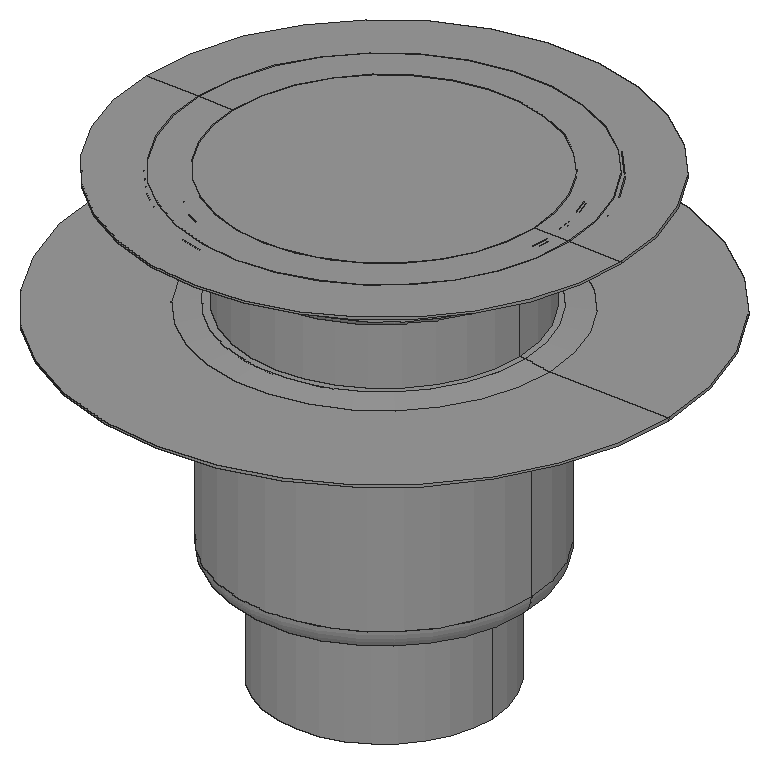
Revit family "ACO AUS Gully 218 Telescopic - Vinyl - Vertical Outlet with Mechanical Flange - 300x3003", category Plumbing Fixtures, host Floor, Revit 2014 (continued)
Definition of nested family "Gully Detail Vertical"
  Automatic sketch dimensions
    curve 76 to curve 62 = 0.000 mm
    plane 1 "Center (Front/Back)" to curve 93 = 0.076 mm
    curve 93 to curve 93 = 0.178 mm
    plane 1 "Center (Front/Back)" to curve 80 = 0.076 mm
    curve 80 to curve 80 = 0.178 mm
    curve 78 to plane 1 "Center (Front/Back)" = 0.023 mm
    curve 58 to curve 58 = 3.017 mm
    curve 62 to curve 62 = 3.017 mm
    curve 17 to curve 74 = 2.165 mm
Definition of nested family "Vinyl Gully Top"
  Parameters (values of type "Vinyl Gully Top 218")
    Watermarked By = ""
    Type Comments = "﻿﻿           ﻿     ﻿                                              ﻿   ​ ​         ​                                   ﻿﻿"
    Keynote = "﻿﻿           ﻿     ﻿                                              ﻿   ​ ​         ​                                   ﻿﻿"
    Description = "﻿﻿           ﻿     ﻿                                              ﻿   ​ ​         ​                                   ﻿﻿"
    Assembly Code = "﻿﻿           ﻿     ﻿                                              ﻿   ​ ​         ​                                   ﻿﻿"
  Reference planes
    plane 1 "Center (Front/Back)": y = 0
    plane 2: z = 0
    plane 3 "Center (Left/Right)": x = 0
  Lines and regions (mm)
    detail lines, in view "Ref. Level"
      curve 1: line (-175, -1.5, 0) -> (175, -1.5, 0)
      curve 2: line (-136.02, -5.5, 0) -> (136.02, -5.5, 0)
      curve 3: arc (-138.973, -1.5, 0) -> (-138.506, -4.245, 0) -> (-136.02, -5.5, 0) r 3.09
      curve 4: line (-120.29, -6.978, 0) -> (-120.29, -20.541, 0)
      curve 5: arc (-121.768, -5.5, 0) -> (-120.723, -5.933, 0) -> (-120.29, -6.978, 0) r 1.478
      curve 6: line (-99.973, -42.996, 0) -> (-99.973, -96, 0)
      curve 7: line (-175, 0, 0) -> (175, 0, 0)
      curve 8: line (-99.973, -96, 0) -> (99.973, -96, 0)
      curve 9: line (-108.551, -31.5, 0) -> (108.551, -31.5, 0)
      curve 46: arc (138.973, -1.5, 0) -> (138.506, -4.245, 0) -> (136.02, -5.5, 0) r 3.09
      curve 47: arc (121.768, -5.5, 0) -> (120.723, -5.933, 0) -> (120.29, -6.978, 0) r 1.478
      curve 195: line (-109.331, -31.5, 0) -> (-108.551, -31.5, 0)
      curve 196: line (-108.551, -31.5, 0) -> (-108.551, -40.206, 0)
      curve 197: line (-105.761, -42.996, 0) -> (-99.973, -42.996, 0)
      curve 198: arc (-120.29, -20.541, 0) -> (-117.08, -28.29, 0) -> (-109.331, -31.5, 0) r 10.959
      curve 199: arc (-108.551, -40.206, 0) -> (-107.734, -42.179, 0) -> (-105.761, -42.996, 0) r 2.79
      curve 200: line (120.29, -6.978, 0) -> (120.29, -20.541, 0)
      curve 201: line (99.973, -42.996, 0) -> (99.973, -96, 0)
      curve 202: line (109.331, -31.5, 0) -> (108.551, -31.5, 0)
      curve 203: line (108.551, -31.5, 0) -> (108.551, -40.206, 0)
      curve 204: line (105.761, -42.996, 0) -> (99.973, -42.996, 0)
      curve 205: arc (120.29, -20.541, 0) -> (117.08, -28.29, 0) -> (109.331, -31.5, 0) r 10.959
      curve 206: arc (108.551, -40.206, 0) -> (107.734, -42.179, 0) -> (105.761, -42.996, 0) r 2.79
      curve 207: line (-99.973, -42.996, 0) -> (99.973, -42.996, 0)
      curve 208: line (-108.235, -41.496, 0) -> (108.235, -41.496, 0)
      curve 209: line (-120.29, -20.541, 0) -> (120.353, -20.541, 0)
      curve 210: line (-175, -1.5, 0) -> (-175, 0, 0)
      curve 211: line (175, 0, 0) -> (175, -1.5, 0)
    detail lines, style "Viditelná (ISO)", in view "Ref. Level", detail levels medium+fine
      curve 10: arc (-133.644, -5.5, 0) -> (-134.929, -7.225, 0) -> (-133.336, -8.67, 0) r 1.6
      curve 11: arc (-123.336, -8.67, 0) -> (-121.744, -7.225, 0) -> (-123.028, -5.5, 0) r 1.6
      curve 12: line (-133.336, -8.67, 0) -> (-123.336, -8.67, 0)
      curve 13: line (-133.836, -24.67, 0) -> (-133.836, -25.67, 0)
      curve 14: line (-133.836, -25.67, 0) -> (-122.836, -25.67, 0)
      curve 15: line (-122.836, -25.67, 0) -> (-122.836, -24.67, 0)
      curve 16: line (-122.836, -24.67, 0) -> (-133.836, -24.67, 0)
      curve 17: line (-132.836, -24.67, 0) -> (-132.836, -8.67, 0)
      curve 18: line (-123.836, -24.67, 0) -> (-123.836, -8.67, 0)
      curve 19: arc (-5, -5.495, 0) -> (-6.6, -7.095, 0) -> (-5, -8.695, 0) r 1.6
      curve 20: arc (5, -8.695, 0) -> (6.6, -7.095, 0) -> (5, -5.495, 0) r 1.6
      curve 21: line (-5, -8.695, 0) -> (5, -8.695, 0)
      curve 22: line (-5.5, -24.695, 0) -> (-5.5, -25.695, 0)
      curve 23: line (-5.5, -25.695, 0) -> (5.5, -25.695, 0)
      curve 24: line (5.5, -25.695, 0) -> (5.5, -24.695, 0)
      curve 25: line (5.5, -24.695, 0) -> (-5.5, -24.695, 0)
      curve 26: line (-4.5, -24.695, 0) -> (-4.5, -8.695, 0)
      curve 27: line (4.5, -24.695, 0) -> (4.5, -8.695, 0)
      curve 28: arc (83.887, -5.495, 0) -> (85.487, -7.095, 0) -> (83.887, -8.695, 0) r 1.6
      curve 29: arc (73.887, -8.695, 0) -> (72.287, -7.095, 0) -> (73.887, -5.495, 0) r 1.6
      curve 30: line (83.887, -8.695, 0) -> (73.887, -8.695, 0)
      curve 31: line (84.387, -24.695, 0) -> (84.387, -25.695, 0)
      curve 32: line (84.387, -25.695, 0) -> (73.387, -25.695, 0)
      curve 33: line (73.387, -25.695, 0) -> (73.387, -24.695, 0)
      curve 34: line (73.387, -24.695, 0) -> (84.387, -24.695, 0)
      curve 35: line (83.387, -24.695, 0) -> (83.387, -8.695, 0)
      curve 36: line (74.387, -24.695, 0) -> (74.387, -8.695, 0)
      curve 37: arc (-83.887, -5.495, 0) -> (-85.487, -7.095, 0) -> (-83.887, -8.695, 0) r 1.6
      curve 38: arc (-73.887, -8.695, 0) -> (-72.287, -7.095, 0) -> (-73.887, -5.495, 0) r 1.6
      curve 39: line (-83.887, -8.695, 0) -> (-73.887, -8.695, 0)
      curve 40: line (-84.387, -24.695, 0) -> (-84.387, -25.695, 0)
      curve 41: line (-84.387, -25.695, 0) -> (-73.387, -25.695, 0)
      curve 42: line (-73.387, -25.695, 0) -> (-73.387, -24.695, 0)
      curve 43: line (-73.387, -24.695, 0) -> (-84.387, -24.695, 0)
      curve 44: line (-83.387, -24.695, 0) -> (-83.387, -8.695, 0)
      curve 45: line (-74.387, -24.695, 0) -> (-74.387, -8.695, 0)
      curve 48: arc (133.644, -5.5, 0) -> (134.929, -7.225, 0) -> (133.336, -8.67, 0) r 1.6
      curve 49: arc (123.336, -8.67, 0) -> (121.744, -7.225, 0) -> (123.028, -5.5, 0) r 1.6
      curve 50: line (133.336, -8.67, 0) -> (123.336, -8.67, 0)
      curve 51: line (133.836, -24.67, 0) -> (133.836, -25.67, 0)
      curve 52: line (133.836, -25.67, 0) -> (122.836, -25.67, 0)
      curve 53: line (122.836, -25.67, 0) -> (122.836, -24.67, 0)
      curve 54: line (122.836, -24.67, 0) -> (133.836, -24.67, 0)
      curve 55: line (132.836, -24.67, 0) -> (132.836, -8.67, 0)
      curve 56: line (123.836, -24.67, 0) -> (123.836, -8.67, 0)
    detail lines, style "Viditelná (ISO)", in view "Ref. Level", detail levels fine
      curve 57: spline (-53.877, -20.514, 0) -> (-55.067, -20.719, 0) -> (-56.175, -21.318, 0) -> (-57.127, -22.272, 0) -> (-57.858, -23.514, 0) -> (-58.317, -24.961, 0) -> (-58.474, -26.514, 0) -> (-58.317, -28.067, 0) -> (-57.858, -29.514, 0) -> (-57.127, -30.757, 0) -> (-56.175, -31.711, 0) -> (-55.067, -32.31, 0) -> (-53.877, -32.514, 0)
      curve 58: spline (-57.337, -23.808, 0) -> (-57.628, -24.752, 0) -> (-57.793, -25.747, 0) -> (-57.827, -26.765, 0) -> (-57.728, -27.775, 0) -> (-57.5, -28.748, 0) -> (-57.15, -29.658, 0) -> (-56.686, -30.477, 0) -> (-56.123, -31.181, 0) -> (-55.477, -31.752, 0) -> (-54.766, -32.171, 0) -> (-54.012, -32.428, 0) -> (-53.234, -32.514, 0)
      curve 59: spline (-73.028, -32.514, 0) -> (-71.839, -32.31, 0) -> (-70.73, -31.711, 0) -> (-69.778, -30.757, 0) -> (-69.048, -29.514, 0) -> (-68.589, -28.067, 0) -> (-68.432, -26.514, 0) -> (-68.589, -24.961, 0) -> (-69.048, -23.514, 0) -> (-69.778, -22.272, 0) -> (-70.73, -21.318, 0) -> (-71.839, -20.719, 0) -> (-73.028, -20.514, 0)
      curve 60: spline (-53.877, -52.496, 0) -> (-53.87, -52.856, 0) -> (-53.847, -53.214, 0) -> (-53.809, -53.569, 0) -> (-53.757, -53.92, 0) -> (-53.69, -54.264, 0) -> (-53.608, -54.601, 0) -> (-53.513, -54.929, 0) -> (-53.404, -55.246, 0) -> (-53.281, -55.552, 0) -> (-53.147, -55.844, 0) -> (-53, -56.123, 0) -> (-52.842, -56.385, 0)
      curve 61: spline (-51.251, -66.638, 0) -> (-50.946, -66.097, 0) -> (-50.689, -65.499, 0) -> (-50.485, -64.854, 0) -> (-50.336, -64.173, 0) -> (-50.246, -63.467, 0) -> (-50.216, -62.749, 0) -> (-50.246, -62.031, 0) -> (-50.336, -61.326, 0) -> (-50.485, -60.644, 0) -> (-50.689, -59.999, 0) -> (-50.946, -59.401, 0) -> (-51.251, -58.86, 0)
      curve 62: spline (-52.842, -69.113, 0) -> (-53.147, -69.654, 0) -> (-53.404, -70.252, 0) -> (-53.608, -70.897, 0) -> (-53.757, -71.579, 0) -> (-53.847, -72.284, 0) -> (-53.877, -73.002, 0) -> (-53.847, -73.72, 0) -> (-53.757, -74.426, 0) -> (-53.608, -75.107, 0) -> (-53.404, -75.752, 0) -> (-53.147, -76.35, 0) -> (-52.842, -76.891, 0)
      curve 63: spline (-51.251, -87.144, 0) -> (-50.946, -86.603, 0) -> (-50.689, -86.005, 0) -> (-50.485, -85.36, 0) -> (-50.336, -84.679, 0) -> (-50.246, -83.973, 0) -> (-50.216, -83.255, 0) -> (-50.246, -82.537, 0) -> (-50.336, -81.832, 0) -> (-50.485, -81.151, 0) -> (-50.689, -80.505, 0) -> (-50.946, -79.907, 0) -> (-51.251, -79.366, 0)
      curve 64: spline (-52.842, -89.619, 0) -> (-53.147, -90.16, 0) -> (-53.404, -90.758, 0) -> (-53.608, -91.404, 0) -> (-53.757, -92.085, 0) -> (-53.847, -92.79, 0) -> (-53.877, -93.508, 0) -> (-53.847, -94.226, 0) -> (-53.757, -94.932, 0) -> (-53.608, -95.613, 0) -> (-53.404, -96.258, 0) -> (-53.147, -96.857, 0) -> (-52.842, -97.397, 0)
      curve 65: spline (-51.251, -107.65, 0) -> (-50.946, -107.11, 0) -> (-50.689, -106.511, 0) -> (-50.485, -105.866, 0) -> (-50.336, -105.185, 0) -> (-50.246, -104.479, 0) -> (-50.216, -103.761, 0) -> (-50.246, -103.043, 0) -> (-50.336, -102.338, 0) -> (-50.485, -101.657, 0) -> (-50.689, -101.011, 0) -> (-50.946, -100.413, 0) -> (-51.251, -99.872, 0)
      curve 66: spline (-52.842, -110.125, 0) -> (-53, -110.388, 0) -> (-53.147, -110.666, 0) -> (-53.281, -110.959, 0) -> (-53.404, -111.264, 0) -> (-53.513, -111.582, 0) -> (-53.608, -111.91, 0) -> (-53.69, -112.246, 0) -> (-53.757, -112.591, 0) -> (-53.809, -112.941, 0) -> (-53.847, -113.297, 0) -> (-53.87, -113.655, 0) -> (-53.877, -114.014, 0)
      curve 67: spline (-52.387, -110.832, 0) -> (-52.517, -111.047, 0) -> (-52.637, -111.275, 0) -> (-52.747, -111.514, 0) -> (-52.847, -111.764, 0) -> (-52.936, -112.024, 0) -> (-53.014, -112.292, 0) -> (-53.081, -112.568, 0) -> (-53.136, -112.85, 0) -> (-53.179, -113.137, 0) -> (-53.21, -113.427, 0) -> (-53.228, -113.72, 0) -> (-53.234, -114.014, 0)
      curve 68: spline (-50.796, -108.358, 0) -> (-50.436, -107.718, 0) -> (-50.132, -107.011, 0) -> (-49.891, -106.249, 0) -> (-49.715, -105.444, 0) -> (-49.608, -104.61, 0) -> (-49.573, -103.761, 0) -> (-49.608, -102.913, 0) -> (-49.715, -102.079, 0) -> (-49.891, -101.274, 0) -> (-50.132, -100.511, 0) -> (-50.436, -99.804, 0) -> (-50.796, -99.165, 0)
      curve 69: spline (-52.387, -90.326, 0) -> (-52.637, -90.769, 0) -> (-52.847, -91.258, 0) -> (-53.014, -91.786, 0) -> (-53.136, -92.344, 0) -> (-53.21, -92.921, 0) -> (-53.234, -93.508, 0) -> (-53.21, -94.096, 0) -> (-53.136, -94.673, 0) -> (-53.014, -95.23, 0) -> (-52.847, -95.758, 0) -> (-52.637, -96.248, 0) -> (-52.387, -96.69, 0)
      curve 70: spline (-50.796, -87.851, 0) -> (-50.436, -87.212, 0) -> (-50.132, -86.505, 0) -> (-49.891, -85.743, 0) -> (-49.715, -84.938, 0) -> (-49.608, -84.104, 0) -> (-49.573, -83.255, 0) -> (-49.608, -82.407, 0) -> (-49.715, -81.573, 0) -> (-49.891, -80.768, 0) -> (-50.132, -80.005, 0) -> (-50.436, -79.298, 0) -> (-50.796, -78.659, 0)
      curve 71: spline (-52.387, -69.82, 0) -> (-52.637, -70.263, 0) -> (-52.847, -70.752, 0) -> (-53.014, -71.28, 0) -> (-53.136, -71.838, 0) -> (-53.21, -72.415, 0) -> (-53.234, -73.002, 0) -> (-53.21, -73.59, 0) -> (-53.136, -74.167, 0) -> (-53.014, -74.724, 0) -> (-52.847, -75.252, 0) -> (-52.637, -75.742, 0) -> (-52.387, -76.184, 0)
      curve 72: spline (-50.796, -67.345, 0) -> (-50.436, -66.706, 0) -> (-50.132, -65.999, 0) -> (-49.891, -65.237, 0) -> (-49.715, -64.431, 0) -> (-49.608, -63.598, 0) -> (-49.573, -62.749, 0) -> (-49.608, -61.901, 0) -> (-49.715, -61.067, 0) -> (-49.891, -60.262, 0) -> (-50.132, -59.499, 0) -> (-50.436, -58.792, 0) -> (-50.796, -58.153, 0)
      curve 73: spline (-53.234, -52.496, 0) -> (-53.228, -52.79, 0) -> (-53.21, -53.083, 0) -> (-53.179, -53.374, 0) -> (-53.136, -53.661, 0) -> (-53.081, -53.943, 0) -> (-53.014, -54.218, 0) -> (-52.936, -54.486, 0) -> (-52.847, -54.746, 0) -> (-52.747, -54.996, 0) -> (-52.637, -55.236, 0) -> (-52.517, -55.463, 0) -> (-52.387, -55.678, 0)
      curve 74: spline (-71.993, -110.125, 0) -> (-72.151, -110.388, 0) -> (-72.298, -110.666, 0) -> (-72.433, -110.959, 0) -> (-72.555, -111.264, 0) -> (-72.664, -111.582, 0) -> (-72.759, -111.91, 0) -> (-72.841, -112.246, 0) -> (-72.908, -112.591, 0) -> (-72.96, -112.941, 0) -> (-72.998, -113.297, 0) -> (-73.021, -113.655, 0) -> (-73.028, -114.014, 0)
      curve 75: spline (-70.402, -107.65, 0) -> (-70.097, -107.11, 0) -> (-69.84, -106.511, 0) -> (-69.636, -105.866, 0) -> (-69.487, -105.185, 0) -> (-69.397, -104.479, 0) -> (-69.367, -103.761, 0) -> (-69.397, -103.043, 0) -> (-69.487, -102.338, 0) -> (-69.636, -101.657, 0) -> (-69.84, -101.011, 0) -> (-70.097, -100.413, 0) -> (-70.402, -99.872, 0)
      curve 76: spline (-71.993, -89.619, 0) -> (-72.298, -90.16, 0) -> (-72.555, -90.758, 0) -> (-72.759, -91.404, 0) -> (-72.908, -92.085, 0) -> (-72.998, -92.79, 0) -> (-73.028, -93.508, 0) -> (-72.998, -94.226, 0) -> (-72.908, -94.932, 0) -> (-72.759, -95.613, 0) -> (-72.555, -96.258, 0) -> (-72.298, -96.857, 0) -> (-71.993, -97.397, 0)
      curve 77: spline (-70.402, -87.144, 0) -> (-70.097, -86.603, 0) -> (-69.84, -86.005, 0) -> (-69.636, -85.36, 0) -> (-69.487, -84.679, 0) -> (-69.397, -83.973, 0) -> (-69.367, -83.255, 0) -> (-69.397, -82.537, 0) -> (-69.487, -81.832, 0) -> (-69.636, -81.151, 0) -> (-69.84, -80.505, 0) -> (-70.097, -79.907, 0) -> (-70.402, -79.366, 0)
      curve 78: spline (-71.993, -69.113, 0) -> (-72.298, -69.654, 0) -> (-72.555, -70.252, 0) -> (-72.759, -70.897, 0) -> (-72.908, -71.579, 0) -> (-72.998, -72.284, 0) -> (-73.028, -73.002, 0) -> (-72.998, -73.72, 0) -> (-72.908, -74.426, 0) -> (-72.759, -75.107, 0) -> (-72.555, -75.752, 0) -> (-72.298, -76.35, 0) -> (-71.993, -76.891, 0)
      curve 79: spline (-70.402, -66.638, 0) -> (-70.097, -66.097, 0) -> (-69.84, -65.499, 0) -> (-69.636, -64.854, 0) -> (-69.487, -64.173, 0) -> (-69.397, -63.467, 0) -> (-69.367, -62.749, 0) -> (-69.397, -62.031, 0) -> (-69.487, -61.326, 0) -> (-69.636, -60.644, 0) -> (-69.84, -59.999, 0) -> (-70.097, -59.401, 0) -> (-70.402, -58.86, 0)
      curve 80: spline (-73.028, -52.496, 0) -> (-73.021, -52.856, 0) -> (-72.998, -53.214, 0) -> (-72.96, -53.569, 0) -> (-72.908, -53.92, 0) -> (-72.841, -54.264, 0) -> (-72.759, -54.601, 0) -> (-72.664, -54.929, 0) -> (-72.555, -55.246, 0) -> (-72.433, -55.552, 0) -> (-72.298, -55.844, 0) -> (-72.151, -56.123, 0) -> (-71.993, -56.385, 0)
      curve 81: spline (-73.028, -130.502, 0) -> (-71.783, -132.252, 0) -> (-70.351, -133.74, 0) -> (-68.766, -134.933, 0) -> (-67.062, -135.805, 0) -> (-65.278, -136.336, 0) -> (-63.453, -136.514, 0) -> (-61.628, -136.336, 0) -> (-59.844, -135.805, 0) -> (-58.14, -134.933, 0) -> (-56.555, -133.74, 0) -> (-55.123, -132.252, 0) -> (-53.877, -130.502, 0)
      curve 82: spline (-62.81, -136.514, 0) -> (-61.895, -136.47, 0) -> (-60.985, -136.336, 0) -> (-60.085, -136.114, 0) -> (-59.201, -135.805, 0) -> (-58.337, -135.411, 0) -> (-57.497, -134.933, 0) -> (-56.687, -134.375, 0) -> (-55.912, -133.74, 0) -> (-55.175, -133.031, 0) -> (-54.48, -132.252, 0) -> (-53.832, -131.407, 0) -> (-53.234, -130.502, 0)
      curve 83: spline (-63.131, -118.029, 0) -> (-64.256, -118.319, 0) -> (-65.291, -118.964, 0) -> (-66.172, -119.923, 0) -> (-66.843, -121.136, 0) -> (-67.263, -122.529, 0) -> (-67.406, -124.014, 0) -> (-67.263, -125.5, 0) -> (-66.843, -126.892, 0) -> (-66.172, -128.106, 0) -> (-65.291, -129.065, 0) -> (-64.256, -129.71, 0) -> (-63.131, -130, 0)
      curve 84: spline (-63.453, -130.014, 0) -> (-62.263, -129.81, 0) -> (-61.155, -129.211, 0) -> (-60.203, -128.257, 0) -> (-59.472, -127.014, 0) -> (-59.013, -125.567, 0) -> (-58.857, -124.014, 0) -> (-59.013, -122.461, 0) -> (-59.472, -121.014, 0) -> (-60.203, -119.772, 0) -> (-61.155, -118.818, 0) -> (-62.263, -118.219, 0) -> (-63.453, -118.014, 0) -> (-64.642, -118.219, 0) -> (-65.751, -118.818, 0) -> (-66.703, -119.772, 0) -> (-67.433, -121.014, 0) -> (-67.892, -122.461, 0) -> (-68.049, -124.014, 0) -> (-67.892, -125.567, 0) -> (-67.433, -127.014, 0) -> (-66.703, -128.257, 0) -> (-65.751, -129.211, 0) -> (-64.642, -129.81, 0) -> (-63.453, -130.014, 0)
      curve 85: line (-53.234, -52.496, 0) -> (-53.234, -32.514, 0)
      curve 86: line (-53.877, -32.514, 0) -> (-53.877, -52.496, 0)
      curve 87: line (-52.842, -56.385, 0) -> (-51.251, -58.86, 0)
      curve 88: line (-51.251, -66.638, 0) -> (-52.842, -69.113, 0)
      curve 89: line (-52.842, -76.891, 0) -> (-51.251, -79.366, 0)
      curve 90: line (-51.251, -87.144, 0) -> (-52.842, -89.619, 0)
      curve 91: line (-52.842, -97.397, 0) -> (-51.251, -99.872, 0)
      curve 92: line (-51.251, -107.65, 0) -> (-52.842, -110.125, 0)
      curve 93: line (-53.877, -114.014, 0) -> (-53.877, -130.502, 0)
      curve 94: line (-53.877, -130.502, 0) -> (-53.234, -130.502, 0)
      curve 95: line (-53.234, -130.502, 0) -> (-53.234, -114.014, 0)
      curve 96: line (-52.387, -110.832, 0) -> (-50.796, -108.358, 0)
      curve 97: line (-50.796, -99.165, 0) -> (-52.387, -96.69, 0)
      curve 98: line (-52.387, -90.326, 0) -> (-50.796, -87.851, 0)
      curve 99: line (-50.796, -78.659, 0) -> (-52.387, -76.184, 0)
      curve 100: line (-52.387, -69.82, 0) -> (-50.796, -67.345, 0)
      curve 101: line (-50.796, -58.153, 0) -> (-52.387, -55.678, 0)
      curve 102: line (-53.234, -18.014, 0) -> (-53.234, -10.514, 0)
      curve 103: line (-53.877, -10.514, 0) -> (-53.877, -20.514, 0)
      curve 104: line (-53.877, -10.514, 0) -> (-73.028, -10.514, 0)
      curve 105: line (-73.028, -10.514, 0) -> (-73.028, -20.514, 0)
      curve 106: line (-73.028, -114.014, 0) -> (-73.028, -130.502, 0)
      curve 107: line (-70.402, -107.65, 0) -> (-71.993, -110.125, 0)
      curve 108: line (-71.993, -97.397, 0) -> (-70.402, -99.872, 0)
      curve 109: line (-71.993, -76.891, 0) -> (-70.402, -79.366, 0)
      curve 110: line (-70.402, -87.144, 0) -> (-71.993, -89.619, 0)
      curve 111: line (-71.993, -56.385, 0) -> (-70.402, -58.86, 0)
      curve 112: line (-70.402, -66.638, 0) -> (-71.993, -69.113, 0)
      curve 113: line (-73.028, -32.514, 0) -> (-73.028, -52.496, 0)
      curve 114: line (-63.453, -136.514, 0) -> (-62.81, -136.514, 0)
      curve 115: spline (120.29, -20.5, 0) -> (120.021, -20.704, 0) -> (119.769, -21.304, 0) -> (119.554, -22.257, 0) -> (119.388, -23.5, 0) -> (119.284, -24.947, 0) -> (119.248, -26.5, 0) -> (119.284, -28.053, 0) -> (119.388, -29.5, 0) -> (119.554, -30.743, 0) -> (119.769, -31.696, 0) -> (120.021, -32.296, 0) -> (120.29, -32.5, 0)
      curve 116: spline (115.949, -32.5, 0) -> (116.219, -32.296, 0) -> (116.47, -31.696, 0) -> (116.686, -30.743, 0) -> (116.851, -29.5, 0) -> (116.955, -28.053, 0) -> (116.991, -26.5, 0) -> (116.955, -24.947, 0) -> (116.851, -23.5, 0) -> (116.686, -22.257, 0) -> (116.47, -21.304, 0) -> (116.219, -20.704, 0) -> (115.949, -20.5, 0)
      curve 117: spline (118.704, -56.371, 0) -> (118.946, -56.108, 0) -> (119.171, -55.83, 0) -> (119.377, -55.537, 0) -> (119.565, -55.232, 0) -> (119.732, -54.914, 0) -> (119.878, -54.586, 0) -> (120.003, -54.25, 0) -> (120.106, -53.905, 0) -> (120.186, -53.555, 0) -> (120.244, -53.2, 0) -> (120.279, -52.841, 0) -> (120.29, -52.482, 0)
      curve 118: spline (116.267, -58.846, 0) -> (115.799, -59.387, 0) -> (115.406, -59.985, 0) -> (115.092, -60.63, 0) -> (114.865, -61.311, 0) -> (114.726, -62.017, 0) -> (114.68, -62.735, 0) -> (114.726, -63.453, 0) -> (114.865, -64.158, 0) -> (115.092, -64.839, 0) -> (115.406, -65.485, 0) -> (115.799, -66.083, 0) -> (116.267, -66.624, 0)
      curve 119: spline (118.704, -76.877, 0) -> (119.171, -76.336, 0) -> (119.565, -75.738, 0) -> (119.878, -75.093, 0) -> (120.106, -74.411, 0) -> (120.244, -73.706, 0) -> (120.29, -72.988, 0) -> (120.244, -72.27, 0) -> (120.106, -71.564, 0) -> (119.878, -70.883, 0) -> (119.565, -70.238, 0) -> (119.171, -69.64, 0) -> (118.704, -69.099, 0)
      curve 120: spline (116.267, -79.352, 0) -> (115.799, -79.893, 0) -> (115.406, -80.491, 0) -> (115.092, -81.136, 0) -> (114.865, -81.817, 0) -> (114.726, -82.523, 0) -> (114.68, -83.241, 0) -> (114.726, -83.959, 0) -> (114.865, -84.664, 0) -> (115.092, -85.346, 0) -> (115.406, -85.991, 0) -> (115.799, -86.589, 0) -> (116.267, -87.13, 0)
      curve 121: spline (118.704, -97.383, 0) -> (119.171, -96.842, 0) -> (119.565, -96.244, 0) -> (119.878, -95.599, 0) -> (120.106, -94.917, 0) -> (120.244, -94.212, 0) -> (120.29, -93.494, 0) -> (120.244, -92.776, 0) -> (120.106, -92.07, 0) -> (119.878, -91.389, 0) -> (119.565, -90.744, 0) -> (119.171, -90.146, 0) -> (118.704, -89.605, 0)
      curve 122: spline (116.267, -99.858, 0) -> (115.799, -100.399, 0) -> (115.406, -100.997, 0) -> (115.092, -101.642, 0) -> (114.865, -102.323, 0) -> (114.726, -103.029, 0) -> (114.68, -103.747, 0) -> (114.726, -104.465, 0) -> (114.865, -105.17, 0) -> (115.092, -105.852, 0) -> (115.406, -106.497, 0) -> (115.799, -107.095, 0) -> (116.267, -107.636, 0)
      curve 123: spline (120.29, -114, 0) -> (120.279, -113.64, 0) -> (120.244, -113.282, 0) -> (120.186, -112.927, 0) -> (120.106, -112.576, 0) -> (120.003, -112.232, 0) -> (119.878, -111.895, 0) -> (119.732, -111.567, 0) -> (119.565, -111.25, 0) -> (119.377, -110.944, 0) -> (119.171, -110.652, 0) -> (118.946, -110.374, 0) -> (118.704, -110.111, 0)
      curve 124: spline (113.666, -55.664, 0) -> (113.864, -55.449, 0) -> (114.048, -55.221, 0) -> (114.217, -54.982, 0) -> (114.37, -54.732, 0) -> (114.507, -54.472, 0) -> (114.627, -54.204, 0) -> (114.729, -53.928, 0) -> (114.813, -53.646, 0) -> (114.879, -53.36, 0) -> (114.926, -53.069, 0) -> (114.955, -52.776, 0) -> (114.964, -52.482, 0)
      curve 125: spline (111.229, -58.139, 0) -> (110.677, -58.778, 0) -> (110.212, -59.485, 0) -> (109.841, -60.247, 0) -> (109.572, -61.052, 0) -> (109.409, -61.886, 0) -> (109.354, -62.735, 0) -> (109.409, -63.583, 0) -> (109.572, -64.417, 0) -> (109.841, -65.222, 0) -> (110.212, -65.985, 0) -> (110.677, -66.692, 0) -> (111.229, -67.331, 0)
      curve 126: spline (113.666, -76.17, 0) -> (114.048, -75.727, 0) -> (114.37, -75.238, 0) -> (114.627, -74.71, 0) -> (114.813, -74.152, 0) -> (114.926, -73.575, 0) -> (114.964, -72.988, 0) -> (114.926, -72.4, 0) -> (114.813, -71.823, 0) -> (114.627, -71.266, 0) -> (114.37, -70.738, 0) -> (114.048, -70.248, 0) -> (113.666, -69.806, 0)
      curve 127: spline (111.229, -78.645, 0) -> (110.677, -79.284, 0) -> (110.212, -79.991, 0) -> (109.841, -80.753, 0) -> (109.572, -81.558, 0) -> (109.409, -82.392, 0) -> (109.354, -83.241, 0) -> (109.409, -84.089, 0) -> (109.572, -84.923, 0) -> (109.841, -85.728, 0) -> (110.212, -86.491, 0) -> (110.677, -87.198, 0) -> (111.229, -87.837, 0)
      curve 128: spline (113.666, -96.676, 0) -> (114.048, -96.233, 0) -> (114.37, -95.744, 0) -> (114.627, -95.216, 0) -> (114.813, -94.659, 0) -> (114.926, -94.081, 0) -> (114.964, -93.494, 0) -> (114.926, -92.906, 0) -> (114.813, -92.329, 0) -> (114.627, -91.772, 0) -> (114.37, -91.244, 0) -> (114.048, -90.754, 0) -> (113.666, -90.312, 0)
      curve 129: spline (111.229, -99.151, 0) -> (110.677, -99.79, 0) -> (110.212, -100.497, 0) -> (109.841, -101.259, 0) -> (109.572, -102.065, 0) -> (109.409, -102.898, 0) -> (109.354, -103.747, 0) -> (109.409, -104.595, 0) -> (109.572, -105.429, 0) -> (109.841, -106.234, 0) -> (110.212, -106.997, 0) -> (110.677, -107.704, 0) -> (111.229, -108.343, 0)
      curve 130: spline (114.964, -114, 0) -> (114.955, -113.706, 0) -> (114.926, -113.413, 0) -> (114.879, -113.122, 0) -> (114.813, -112.835, 0) -> (114.729, -112.553, 0) -> (114.627, -112.278, 0) -> (114.507, -112.01, 0) -> (114.37, -111.75, 0) -> (114.217, -111.5, 0) -> (114.048, -111.261, 0) -> (113.864, -111.033, 0) -> (113.666, -110.818, 0)
      curve 131: spline (115.949, -114, 0) -> (115.937, -113.64, 0) -> (115.903, -113.282, 0) -> (115.845, -112.927, 0) -> (115.764, -112.576, 0) -> (115.662, -112.232, 0) -> (115.537, -111.895, 0) -> (115.39, -111.567, 0) -> (115.223, -111.25, 0) -> (115.036, -110.944, 0) -> (114.83, -110.652, 0) -> (114.605, -110.374, 0) -> (114.363, -110.111, 0)
      curve 132: spline (111.925, -99.858, 0) -> (111.458, -100.399, 0) -> (111.065, -100.997, 0) -> (110.751, -101.642, 0) -> (110.523, -102.323, 0) -> (110.385, -103.029, 0) -> (110.339, -103.747, 0) -> (110.385, -104.465, 0) -> (110.523, -105.17, 0) -> (110.751, -105.852, 0) -> (111.065, -106.497, 0) -> (111.458, -107.095, 0) -> (111.925, -107.636, 0)
      curve 133: spline (114.363, -97.383, 0) -> (114.83, -96.842, 0) -> (115.223, -96.244, 0) -> (115.537, -95.599, 0) -> (115.764, -94.917, 0) -> (115.903, -94.212, 0) -> (115.949, -93.494, 0) -> (115.903, -92.776, 0) -> (115.764, -92.07, 0) -> (115.537, -91.389, 0) -> (115.223, -90.744, 0) -> (114.83, -90.146, 0) -> (114.363, -89.605, 0)
      curve 134: spline (111.925, -79.352, 0) -> (111.458, -79.893, 0) -> (111.065, -80.491, 0) -> (110.751, -81.136, 0) -> (110.523, -81.817, 0) -> (110.385, -82.523, 0) -> (110.339, -83.241, 0) -> (110.385, -83.959, 0) -> (110.523, -84.664, 0) -> (110.751, -85.346, 0) -> (111.065, -85.991, 0) -> (111.458, -86.589, 0) -> (111.925, -87.13, 0)
      curve 135: spline (114.363, -76.877, 0) -> (114.83, -76.336, 0) -> (115.223, -75.738, 0) -> (115.537, -75.093, 0) -> (115.764, -74.411, 0) -> (115.903, -73.706, 0) -> (115.949, -72.988, 0) -> (115.903, -72.27, 0) -> (115.764, -71.564, 0) -> (115.537, -70.883, 0) -> (115.223, -70.238, 0) -> (114.83, -69.64, 0) -> (114.363, -69.099, 0)
      curve 136: spline (111.925, -58.846, 0) -> (111.458, -59.387, 0) -> (111.065, -59.985, 0) -> (110.751, -60.63, 0) -> (110.523, -61.311, 0) -> (110.385, -62.017, 0) -> (110.339, -62.735, 0) -> (110.385, -63.453, 0) -> (110.523, -64.158, 0) -> (110.751, -64.839, 0) -> (111.065, -65.485, 0) -> (111.458, -66.083, 0) -> (111.925, -66.624, 0)
      curve 137: spline (114.363, -56.371, 0) -> (114.605, -56.108, 0) -> (114.83, -55.83, 0) -> (115.036, -55.537, 0) -> (115.223, -55.232, 0) -> (115.39, -54.914, 0) -> (115.537, -54.586, 0) -> (115.662, -54.25, 0) -> (115.764, -53.905, 0) -> (115.845, -53.555, 0) -> (115.903, -53.2, 0) -> (115.937, -52.841, 0) -> (115.949, -52.482, 0)
      curve 138: spline (115.949, -130.487, 0) -> (116.231, -132.237, 0) -> (116.556, -133.725, 0) -> (116.915, -134.919, 0) -> (117.302, -135.791, 0) -> (117.706, -136.322, 0) -> (118.12, -136.5, 0) -> (118.533, -136.322, 0) -> (118.938, -135.791, 0) -> (119.324, -134.919, 0) -> (119.683, -133.725, 0) -> (120.008, -132.237, 0) -> (120.29, -130.487, 0)
      curve 139: spline (114.964, -130.487, 0) -> (115.1, -131.393, 0) -> (115.247, -132.237, 0) -> (115.404, -133.016, 0) -> (115.571, -133.725, 0) -> (115.747, -134.361, 0) -> (115.93, -134.919, 0) -> (116.121, -135.396, 0) -> (116.317, -135.791, 0) -> (116.517, -136.1, 0) -> (116.721, -136.322, 0) -> (116.927, -136.455, 0) -> (117.135, -136.5, 0)
      curve 140: spline (117.627, -129.288, 0) -> (117.783, -128.695, 0) -> (117.919, -127.952, 0) -> (118.029, -127.081, 0) -> (118.11, -126.111, 0) -> (118.16, -125.073, 0) -> (118.177, -124, 0) -> (118.16, -122.927, 0) -> (118.11, -121.889, 0) -> (118.029, -120.919, 0) -> (117.919, -120.048, 0) -> (117.783, -119.305, 0) -> (117.627, -118.712, 0)
      curve 141: spline (118.12, -130, 0) -> (118.389, -129.796, 0) -> (118.641, -129.196, 0) -> (118.856, -128.243, 0) -> (119.022, -127, 0) -> (119.126, -125.553, 0) -> (119.162, -124, 0) -> (119.126, -122.447, 0) -> (119.022, -121, 0) -> (118.856, -119.757, 0) -> (118.641, -118.804, 0) -> (118.389, -118.204, 0) -> (118.12, -118, 0) -> (117.85, -118.204, 0) -> (117.599, -118.804, 0) -> (117.383, -119.757, 0) -> (117.217, -121, 0) -> (117.113, -122.447, 0) -> (117.078, -124, 0) -> (117.113, -125.553, 0) -> (117.217, -127, 0) -> (117.383, -128.243, 0) -> (117.599, -129.196, 0) -> (117.85, -129.796, 0) -> (118.12, -130, 0)
      curve 142: line (115.949, -52.482, 0) -> (115.949, -32.5, 0)
      curve 143: line (115.949, -32.5, 0) -> (114.964, -32.5, 0)
      curve 144: line (114.964, -32.5, 0) -> (114.964, -52.482, 0)
      curve 145: line (115.949, -20.5, 0) -> (115.949, -10.5, 0)
      curve 146: line (120.29, -32.5, 0) -> (120.29, -52.482, 0)
      curve 147: line (118.704, -56.371, 0) -> (116.267, -58.846, 0)
      curve 148: line (116.267, -66.624, 0) -> (118.704, -69.099, 0)
      curve 149: line (118.704, -76.877, 0) -> (116.267, -79.352, 0)
      curve 150: line (116.267, -87.13, 0) -> (118.704, -89.605, 0)
      curve 151: line (118.704, -97.383, 0) -> (116.267, -99.858, 0)
      curve 152: line (116.267, -107.636, 0) -> (118.704, -110.111, 0)
      curve 153: line (120.29, -114, 0) -> (120.29, -130.487, 0)
      curve 154: line (114.964, -20.5, 0) -> (114.964, -10.5, 0)
      curve 155: line (114.964, -10.5, 0) -> (115.949, -10.5, 0)
      curve 156: line (115.949, -10.5, 0) -> (120.29, -10.5, 0)
      curve 157: line (120.29, -10.5, 0) -> (120.29, -20.5, 0)
      curve 158: line (111.229, -58.139, 0) -> (113.666, -55.664, 0)
      curve 159: line (113.666, -69.806, 0) -> (111.229, -67.331, 0)
      curve 160: line (111.229, -78.645, 0) -> (113.666, -76.17, 0)
      curve 161: line (113.666, -90.312, 0) -> (111.229, -87.837, 0)
      curve 162: line (111.229, -99.151, 0) -> (113.666, -96.676, 0)
      curve 163: line (113.666, -110.818, 0) -> (111.229, -108.343, 0)
      curve 164: line (115.949, -114, 0) -> (115.949, -130.487, 0)
      curve 165: line (115.949, -130.487, 0) -> (114.964, -130.487, 0)
      curve 166: line (114.964, -130.487, 0) -> (114.964, -114, 0)
      curve 167: line (111.925, -107.636, 0) -> (114.363, -110.111, 0)
      curve 168: line (114.363, -97.383, 0) -> (111.925, -99.858, 0)
      curve 169: line (111.925, -87.13, 0) -> (114.363, -89.605, 0)
      curve 170: line (114.363, -76.877, 0) -> (111.925, -79.352, 0)
      curve 171: line (111.925, -66.624, 0) -> (114.363, -69.099, 0)
      curve 172: line (114.363, -56.371, 0) -> (111.925, -58.846, 0)
      curve 173: line (118.12, -136.5, 0) -> (117.135, -136.5, 0)
      curve 174: line (120.381, -18, 0) -> (115.949, -18, 0)
      curve 177: spline (-43.33, -103.636, 0) -> (-43.171, -103.108, 0) -> (-43.037, -102.526, 0) -> (-42.929, -101.897, 0) -> (-42.849, -101.234, 0) -> (-42.799, -100.547, 0) -> (-42.779, -99.846, 0) -> (-42.79, -99.144, 0) -> (-42.832, -98.451, 0) -> (-42.904, -97.78, 0) -> (-43.004, -97.141, 0) -> (-43.131, -96.544, 0) -> (-43.283, -96, 0)
      curve 178: spline (-44.177, -106.111, 0) -> (-44.261, -106.374, 0) -> (-44.339, -106.652, 0) -> (-44.41, -106.945, 0) -> (-44.475, -107.25, 0) -> (-44.534, -107.568, 0) -> (-44.584, -107.896, 0) -> (-44.628, -108.232, 0) -> (-44.663, -108.577, 0) -> (-44.691, -108.927, 0) -> (-44.711, -109.282, 0) -> (-44.723, -109.641, 0) -> (-44.728, -110, 0)
      curve 179: spline (-43.935, -106.818, 0) -> (-44.004, -107.033, 0) -> (-44.067, -107.261, 0) -> (-44.126, -107.5, 0) -> (-44.179, -107.75, 0) -> (-44.227, -108.01, 0) -> (-44.268, -108.278, 0) -> (-44.304, -108.554, 0) -> (-44.333, -108.836, 0) -> (-44.356, -109.122, 0) -> (-44.372, -109.413, 0) -> (-44.382, -109.706, 0) -> (-44.385, -110, 0)
      curve 180: spline (-43.088, -104.343, 0) -> (-42.916, -103.777, 0) -> (-42.767, -103.156, 0) -> (-42.645, -102.489, 0) -> (-42.549, -101.784, 0) -> (-42.482, -101.052, 0) -> (-42.445, -100.302, 0) -> (-42.438, -99.545, 0) -> (-42.461, -98.79, 0) -> (-42.514, -98.048, 0) -> (-42.597, -97.33, 0) -> (-42.707, -96.644, 0) -> (-42.844, -96, 0)
      curve 181: spline (-19.596, -104.343, 0) -> (-19.424, -103.777, 0) -> (-19.275, -103.156, 0) -> (-19.152, -102.489, 0) -> (-19.057, -101.784, 0) -> (-18.99, -101.052, 0) -> (-18.953, -100.302, 0) -> (-18.946, -99.545, 0) -> (-18.969, -98.79, 0) -> (-19.022, -98.048, 0) -> (-19.104, -97.33, 0) -> (-19.215, -96.644, 0) -> (-19.351, -96, 0)
      curve 182: spline (-20.442, -106.818, 0) -> (-20.511, -107.033, 0) -> (-20.575, -107.261, 0) -> (-20.634, -107.5, 0) -> (-20.687, -107.75, 0) -> (-20.734, -108.01, 0) -> (-20.776, -108.278, 0) -> (-20.811, -108.554, 0) -> (-20.841, -108.836, 0) -> (-20.864, -109.122, 0) -> (-20.88, -109.413, 0) -> (-20.89, -109.706, 0) -> (-20.893, -110, 0)
      curve 183: spline (-44.728, -126.488, 0) -> (-43.994, -127.393, 0) -> (-43.199, -128.238, 0) -> (-42.347, -129.017, 0) -> (-41.443, -129.726, 0) -> (-40.492, -130.361, 0) -> (-39.499, -130.919, 0) -> (-38.469, -131.397, 0) -> (-37.409, -131.791, 0) -> (-36.324, -132.1, 0) -> (-35.22, -132.322, 0) -> (-34.104, -132.456, 0) -> (-32.981, -132.5, 0)
      curve 184: spline (-44.385, -126.488, 0) -> (-42.857, -128.238, 0) -> (-41.101, -129.726, 0) -> (-39.156, -130.919, 0) -> (-37.067, -131.791, 0) -> (-34.878, -132.322, 0) -> (-32.639, -132.5, 0) -> (-30.401, -132.322, 0) -> (-28.212, -131.791, 0) -> (-26.122, -130.919, 0) -> (-24.177, -129.726, 0) -> (-22.421, -128.238, 0) -> (-20.893, -126.488, 0)
      curve 185: spline (-32.639, -114, 0) -> (-34.099, -114.205, 0) -> (-35.458, -114.804, 0) -> (-36.626, -115.758, 0) -> (-37.522, -117, 0) -> (-38.085, -118.447, 0) -> (-38.277, -120, 0) -> (-38.085, -121.553, 0) -> (-37.522, -123, 0) -> (-36.626, -124.243, 0) -> (-35.458, -125.196, 0) -> (-34.099, -125.796, 0) -> (-32.639, -126, 0) -> (-31.18, -125.796, 0) -> (-29.82, -125.196, 0) -> (-28.653, -124.243, 0) -> (-27.757, -123, 0) -> (-27.193, -121.553, 0) -> (-27.001, -120, 0) -> (-27.193, -118.447, 0) -> (-27.757, -117, 0) -> (-28.653, -115.758, 0) -> (-29.82, -114.804, 0) -> (-31.18, -114.205, 0) -> (-32.639, -114, 0)
      curve 186: spline (-32.81, -125.998, 0) -> (-31.385, -125.755, 0) -> (-30.064, -125.135, 0) -> (-28.935, -124.178, 0) -> (-28.07, -122.948, 0) -> (-27.528, -121.524, 0) -> (-27.343, -120, 0) -> (-27.528, -118.477, 0) -> (-28.07, -117.053, 0) -> (-28.935, -115.823, 0) -> (-30.064, -114.866, 0) -> (-31.385, -114.246, 0) -> (-32.81, -114.003, 0)
      curve 187: line (-43.33, -103.636, 0) -> (-44.177, -106.111, 0)
      curve 188: line (-44.728, -110, 0) -> (-44.728, -126.488, 0)
      curve 189: line (-44.728, -126.488, 0) -> (-44.385, -126.488, 0)
      curve 190: line (-44.385, -126.488, 0) -> (-44.385, -110, 0)
      curve 191: line (-43.935, -106.818, 0) -> (-43.088, -104.343, 0)
      curve 192: line (-20.442, -106.818, 0) -> (-19.596, -104.343, 0)
      curve 193: line (-20.893, -126.488, 0) -> (-20.893, -110, 0)
      curve 194: line (-32.981, -132.5, 0) -> (-32.639, -132.5, 0)
    detail lines, in view "Ref. Level", detail levels fine
      curve 175: line (118.631, -10.5, 0) -> (118.631, -18, 0)
      curve 176: arc (114.964, -20.5, 0) -> (115.778, -26.5, 0) -> (114.964, -32.5, 0) r 22.534
Types (5, lengths in mm): name | Product Code 413029 | Product Code 413028 | Product Code 408236 | Product Code 408233 | Product Code 408226 | Product Code 408223 | Product Code 142008 | Product Code 142006 | Product Code 142005 | Product Code 142004 | Product Code 142003 | Product Code 142002 | Material | Gully Weight (Kg) | Gully Product Description | Gully Product Code | Gully Material | Grating Product Code 97388 | Grating Product Code 97148 | Foul Air Trap Seal Recycled Material Content | Foul Air Trap Seal Recyclable | Foul Air Trap Seal Material | Foul Air Trap Seal Colour | Flow Rate (l/s) | Foul Air Trap & Foul Air Trap Support Ring | 97388 - 268 x 268mm - Ladder Grating - Plain - Stainless Steel 316 | 97148 - 268 x 268mm - Ladder Grating - Plain - Stainless Steel 304
  (no name) | "N/A" | "2.0 litre removable strainer - Stainless steel grade 304 - 0.9kg" | "N/A" | "N/A" | "Waterproof bonding flange - Stainless steel grade 304 - 2.5kg" | "0.7 litre removable strainer - Stainless steel grade 304 - 0.6kg" | "N/A" | "N/A" | "N/A" | "N/A" | "N/A" | "N/A" | Stainless Steel AISI 304 | "6.8" | "ACO Gully 218 adjustable height gully with integrated clamping flange - DN160 vertical outlet with round vinyl clamping top section without FAT - grade 304\r\nACO Gully 218 adjustable height gully with integrated clamping flange - DN100 vertical outlet with round vinyl clamping top section without FAT - grade 304\r\nACO Gully 218 adjustable height gully with integrated clamping flange - DN100 vertical outlet with round vinyl clamping top section without FAT - grade 304\r\nACO Gully 218 adjustable height gully with integrated clamping flange - DN160 vertical outlet with round vinyl clamping top section without FAT - grade 304" | "142208" | "Stainless steel grade 304" | "N/A" | "Load Class M125 (EN 1253) - Ladder grate - Plain - Stainless steel grade 304 - 222mm - 2.4kg" | "N/A" | "N/A" | "N/A" | "N/A" | "27.1" | no | no | yes
  142208 - Adjustable Height without FAT SS 304 | "N/A" | "2.0 litre removable strainer - Stainless steel grade 304 - 0.9kg" | "N/A" | "N/A" | "Waterproof bonding flange - Stainless steel grade 304 - 2.5kg" | "0.7 litre removable strainer - Stainless steel grade 304 - 0.6kg" | "N/A" | "N/A" | "N/A" | "N/A" | "N/A" | "N/A" | Stainless Steel AISI 304 | "6.8" | "ACO Gully 218 adjustable height gully with integrated clamping flange - DN160 vertical outlet with round vinyl clamping top section without FAT - grade 304\r\nACO Gully 218 adjustable height gully with integrated clamping flange - DN100 vertical outlet with round vinyl clamping top section without FAT - grade 304\r\nACO Gully 218 adjustable height gully with integrated clamping flange - DN100 vertical outlet with round vinyl clamping top section without FAT - grade 304\r\nACO Gully 218 adjustable height gully with integrated clamping flange - DN160 vertical outlet with round vinyl clamping top section without FAT - grade 304" | "142208" | "Stainless steel grade 304" | "N/A" | "Load Class M125 (EN 1253) - Ladder grate - Plain - Stainless steel grade 304 - 222mm - 2.4kg" | "N/A" | "N/A" | "N/A" | "N/A" | "27.1" | no | no | yes
  142209 - Adjustable Height without FAT SS 316 | "2.0 litre removable strainer - Stainless steel grade 316 - 0.9kg" | "N/A" | "Waterproof bonding flange - Stainless steel grade 316 - 2.5kg" | "0.7 litre removable strainer - Stainless steel grade 316 - 0.6kg" | "N/A" | "N/A" | "Fixed strainer to suit a 160mm outlet - Stainless steel grade 316 - 0.1kg" | "N/A" | "Retention chain connecting removable strainer to grate - Stainless steel grade 316 - 0.1kg" | "N/A" | "Retention chain connecting fixed strainer to removable strainer - Stainless steel grade 316 - 0.1kg" | "N/A" | Stainless Steel AISI 316 | "6.8" | "ACO Gully 218 adjustable height gully with integrated clamping flange - DN160 vertical outlet with round vinyl clamping top section without FAT - grade 316\r\nACO Gully 218 adjustable height gully with integrated clamping flange - DN100 vertical outlet with round vinyl clamping top section without FAT - grade 316\r\nACO Gully 218 adjustable height gully with integrated clamping flange - DN100 vertical outlet with round vinyl clamping top section without FAT - grade 316\r\nACO Gully 218 adjustable height gully with integrated clamping flange - DN160 vertical outlet with round vinyl clamping top section without FAT - grade 316" | "142209" | "Stainless steel grade 316" | "Load Class M125 (EN 1253) - Ladder grate - Plain - Stainless steel grade 316 - 222mm - 2.4kg" | "N/A" | "N/A" | "N/A" | "N/A" | "N/A" | "27.1" | no | yes | no
  142210 - Adjustable Height with FAT SS 304 | "N/A" | "2.0 litre removable strainer - Stainless steel grade 304 - 0.9kg" | "N/A" | "N/A" | "Waterproof bonding flange - Stainless steel grade 304 - 2.5kg" | "0.7 litre removable strainer - Stainless steel grade 304 - 0.6kg" | "N/A" | "N/A" | "N/A" | "N/A" | "N/A" | "N/A" | Stainless Steel AISI 304 | "7.1" | "ACO Gully 218 adjustable height gully with integrated clamping flange - DN160 vertical outlet with round vinyl clamping top section with FAT - grade 304" | "142210" | "Stainless steel grade 304" | "N/A" | "Load Class M125 (EN 1253) - Ladder grate - Plain - Stainless steel grade 304 - 222mm - 2.4kg" | "0%" | "Fully Recyclable" | "NBR" | "Black" | "5-5.5" | yes | no | yes
  142211 - Adjustable Height with FAT SS 316 | "2.0 litre removable strainer - Stainless steel grade 316 - 0.9kg" | "N/A" | "Waterproof bonding flange - Stainless steel grade 316 - 2.5kg" | "0.7 litre removable strainer - Stainless steel grade 316 - 0.6kg" | "N/A" | "N/A" | "Fixed strainer to suit a 160mm outlet - Stainless steel grade 316 - 0.1kg" | "Retention chain connecting removable FAT to grate - Stainless steel grade 316 - 0.1kg" | "Retention chain connecting removable strainer to grate - Stainless steel grade 316 - 0.1kg" | "Retention chain connecting to FAT  to removable strainer - Stainless steel grade 316 - 0.1kg" | "Retention chain connecting fixed strainer to removable strainer - Stainless steel grade 316 - 0.1kg" | "Retention chain connecting fixed strainer to FAT - Stainless steel grade 316 - 0.1kg" | Stainless Steel AISI 316 | "7.1" | "ACO Gully 218 adjustable height gully with integrated clamping flange - DN160 vertical outlet with round vinyl clamping top section with FAT - grade 316" | "142211" | "Stainless steel grade 316" | "Load Class M125 (EN 1253) - Ladder grate - Plain - Stainless steel grade 316 - 222mm - 2.4kg" | "N/A" | "0%" | "Fully Recyclable" | "NBR" | "Black" | "5-5.5" | yes | yes | no
